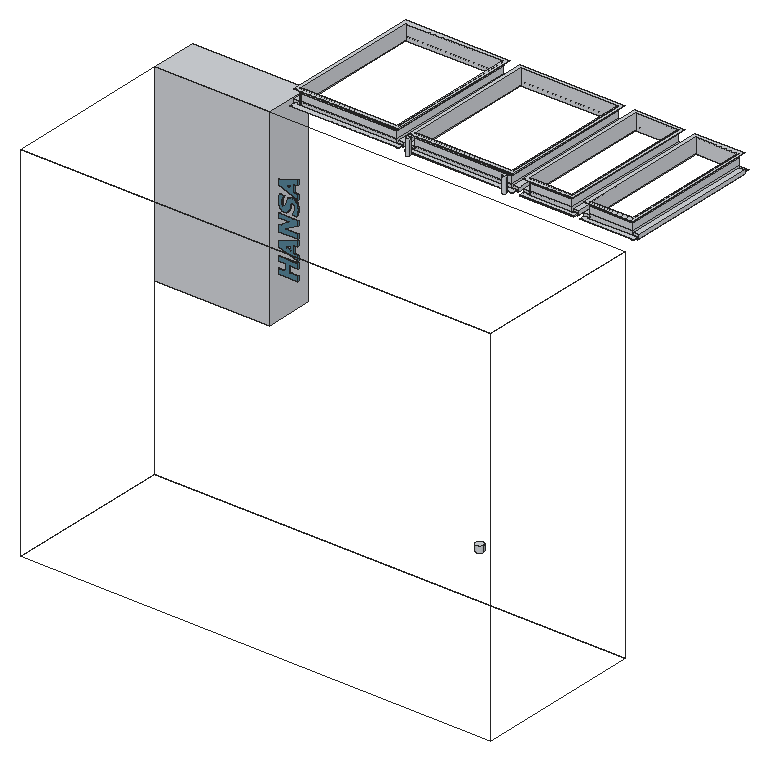
Revit family "KL-P-023-iK-R", category HLS-Bauteile, Revit 2020
Family settings
  Bemaßung runder Anschluss = Durchmesser verwenden
  Klassifizierung = Keine
  Teiletyp = Normal
  Arbeitsebenenbasiert = Nein
  Immer vertikal = Ja
  Beim Laden mit Abzugskörper schneiden = Nein
  Gemeinsam genutzt = Nein
  Raumberechnungspunkt = Nein
Parameters
  Zuluftbreite [instance] = 505 mm  # constant formula
  Vorgabe-Ansicht = 0 mm
  TyS [instance] = size_lookup("TyS_Hansa_KL_P", "", "ND", RLT_Serie, Gehaeuserichtung, Gehaeuseausfuehrung, RLT_MSR_KZ)  # "KL-P-023-iK-R-eCS"
  Schaltschrankbreite [instance] = 600 mm
  Schaltschrank_montiert [instance] = yes
  SSaG [instance] = and(or(Regelung SAIA, Regelung OJ), Schaltschrank_montiert)  # yes
  Regelung SAIA [instance] = yes
  Regelung OJ [instance] = no
  RLT_Volumenstrom_max = 2300 m³/h  # constant formula
  RLT_Volumenstrom_Unit_2 [instance] = 2300 m³/h
  RLT_Volumenstrom_Unit_1 [instance] = 2300 m³/h
  RLT_Typenschlüssel [instance] = TyS  # "KL-P-023-iK-R-eCS"
  RLT_Serie = "KL-P-023-iK"  # constant formula
  RLT_Material_außen [instance] = Stahlblech verzinkt + RAL 9002
  RLT_MSR_KZ [instance] = if(Regelung SAIA, "eCS", if(Regelung OJ, "eCO", "-"))  # "eCS"
  RLT_Länge [instance] = L  # 1860 mm
  RLT_Höhe = H  # 1790 mm
  RLT_Gewicht [instance] = size_lookup("TD_Hansa_KL_P", "Gewicht", 0 mm, TyS) / 1 mm * 1.00 kg  # 0.00 kg
  RLT_Breite = B  # 880 mm
  Modell = "KL-P-023-iK-R"  # constant formula
  L2 = 630 mm  # constant formula
  L1 = 1230 mm  # constant formula
  L = L1 + L2  # 1860 mm
  Kanaltiefe [instance] = RLT_Breite - 190 mm  # 690 mm
  Hersteller = "Hansa"  # constant formula
  H = 1790 mm  # constant formula
  GeräteOK [instance] = H + Fuß  # 1910 mm
  Gehaeuserichtung [instance] = "R"  # constant formula
  Gehaeuseausfuehrung [instance] = "ungeteilt"  # constant formula
  GD_Spannung [instance] = 230 V
  GD_Phasen [instance] = 1
  GD_Nennstrom [instance] = 0 A
  GD_Anschlussleistung [instance] = 0 W
  Fuß [instance] = 120 mm  # constant formula
  Fortluftbreite = 220 mm  # constant formula
  Bedienzone [instance] = yes
  Baugruppe [instance] = "RLT-Gerät"  # constant formula
  BZl [instance] = if(and(or(Regelung SAIA, Regelung OJ), Schaltschrank_montiert), L + Schaltschrankbreite, L)  # 2460 mm
  B = 880 mm  # constant formula
  Außenluftbreite = 220 mm  # constant formula
  Abluftbreite [instance] = 505 mm  # constant formula
Reference planes
  plane 1 "Mitte (Vorne/hinten)": y = 0
  plane 2: z = 0
  plane 3 "Mitte (Links/rechts)": x = 0
  plane 4: x = -930
  plane 5: x = 930
  plane 6 "GV": y = -440
  plane 7 "GH": y = 440
  plane 8 "OKG": z = 1910
  plane 9: y = 377.5
  plane 10: y = -312.5
  plane 11: x = -867.5
  plane 12: x = 867.5
  plane 13: x = -362.5
  plane 14: x = -267.5
  plane 15: x = 237.5
  plane 16: x = 647.5
  plane 17: x = 552.5
  plane 18: x = 332.5
  plane 19: z = 1990
  plane 20 "UKG": z = 120
  plane 21: y = -190
  plane 22: y = -230
  plane 23: z = 90
  plane 24: y = -364
  plane 25: x = 300
  plane 26: y = -1320
  plane 27: x = -1530
Forms (mm)
  Extrusion 1, solid, visible <- "SSaG"
    sketch origin (-61.559, 0, -70) x (1, 0, 0) y (0, 0, 1)
      loop
        line (-1468.441, 1980) -> (-1468.441, 980) -> (-868.441, 980) -> (-868.441, 1980) -> (-1468.441, 1980)
    from 440 to 190
  Extrusion 2, solid
    sketch origin (0, 0, 0) x (1, 0, 0) y (0, 1, 0)
      loop
        circle (0, -230) r 20
    from 120 to 90
  Extrusion 3, solid, material "Glas - klar", visible <- "Bedienzone"
    sketch origin (-600, 0, 0) x (1, 0, 0) y (0, 1, 0)
      loop
        line (-930, -440) -> (-930, -1320) -> (1530, -1320) -> (1530, -440) -> (-930, -440)
    from 1910 to 0
  Extrusion 4, solid
    sketch origin (0, 0, 0) x (1, 0, 0) y (0, 1, 0)
      loop
        circle (-267.5, -364) r 10
    from 1990 to 1910
  Extrusion 5, solid
    sketch origin (0, 0, 0) x (1, 0, 0) y (0, 1, 0)
      loop
        circle (237.5, -364) r 10
    from 1990 to 1910
Dimensions and locks
  equal spacing: plane 4, plane 3 "Mitte (Links/rechts)", plane 5
  "L": plane 4 to plane 5
  "B": plane 7 "GH" to plane 6 "GV"
  locked: plane 7 "GH" to plane 9 at 62.5
  locked: plane 4 to plane 11 at 62.5
  locked: plane 12 to plane 5 at 62.5
  "Abluftbreite": plane 11 to plane 13
  locked: plane 13 to plane 14 at 95
  "Zuluftbreite": plane 14 to plane 15
  "Fortluftbreite": plane 16 to plane 12
  locked: plane 17 to plane 16 at 95
  "Außenluftbreite": plane 18 to plane 17
  plane 15 to plane 18 = 95 mm
  locked: nested 3 to plane 16 at 95
  "Fuß": plane 20 "UKG" to level
  plane 19 to plane 8 "OKG" = 80 mm
  locked: plane 4 to nested 1 at 62.5
  locked: plane 13 to nested 2 at 95
  locked: nested 4 to plane 5 at 62.5
  plane 5 to Extrusion 1 = 1860 mm
  "RLT_Höhe": plane 8 "OKG" to plane 20 "UKG"
  equal spacing: plane 7 "GH", plane 1 "Mitte (Vorne/hinten)", plane 6 "GV"
  locked: plane 6 "GV" to plane 21 at 250
  locked: plane 6 "GV" to plane 22 at 210
  plane 20 "UKG" to plane 23 = 30 mm
  locked: plane 24 to plane 6 "GV" at 76
  "L1": plane 4 to plane 25
  "B": plane 26 to plane 6 "GV"
  "BZl": Extrusion 3 to Extrusion 3
  "Schaltschrankbreite": plane 27 to plane 4
  plane 18 to plane 15 = 95 mm
  aligned and locked: level to plane 2
  aligned and locked: plane 8 "OKG" to Extrusion 1
  aligned and locked: Extrusion 1 to plane 6 "GV"
  aligned and locked: plane 21 to Extrusion 1
  aligned and locked: plane 20 "UKG" to Extrusion 2
  aligned and locked: Extrusion 2 to plane 23
  aligned and locked: Extrusion 3 to plane 6 "GV"
  aligned and locked: Extrusion 3 to plane 26
  aligned and locked: plane 8 "OKG" to Extrusion 3
  aligned and locked: Extrusion 1 to plane 4
  aligned and locked: plane 19 to Extrusion 4
  aligned and locked: Extrusion 4 to plane 8 "OKG"
  aligned and locked: plane 19 to Extrusion 5
  aligned and locked: Extrusion 1 to Extrusion 3
  aligned and locked: plane 7 "GH" to nested 6
  aligned and locked: plane 4 to nested 6
Automatic sketch dimensions
  Extrusion 1 sketch curve to plane 5 = 2460 mm
  Extrusion 1 sketch curve to plane 8 "OKG" = 0 mm
  Extrusion 1 sketch curve to plane 5 = 1860 mm
  plane 20 "UKG" to Extrusion 1 sketch curve = 790 mm
  Extrusion 2 sketch curve to plane 3 "Mitte (Links/rechts)" = 0 mm
  Extrusion 2 sketch curve to plane 22 = 0 mm
  plane 4 to Extrusion 3 sketch curve = 600 mm
  Extrusion 3 sketch curve to plane 5 = 0 mm
  Extrusion 3 sketch curve to plane 26 = 0 mm
  plane 6 "GV" to Extrusion 3 sketch curve = 0 mm
  Extrusion 4 sketch curve to plane 14 = 0 mm
  Extrusion 4 sketch curve to plane 24 = 0 mm
  Extrusion 5 sketch curve to plane 15 = 0 mm
  Extrusion 5 sketch curve to plane 24 = 0 mm
  radius of Extrusion 2 sketch curve = 20 mm
  radius of Extrusion 4 sketch curve = 10 mm
  radius of Extrusion 5 sketch curve = 10 mm
Nested families
  nested 1: "Kanalstutzen" at (-615, 29.209, 1910) x (1, 0, 0) z (0, -1, 0), 2570_EST_Breite <- "Abluftbreite", 2571_EST_Höhe <- "Kanaltiefe", built-in parameter 1001360 <- "GeräteOK", type "Kanalstutzen"
    with Tiefe 80 mm, RahmenG2 20 mm, RahmenG1 30 mm, Höhe 690 mm, Breite 505 mm, 2572_EST_Tiefe 80 mm, 2571_EST_Höhe 690 mm, 2570_EST_Breite 505 mm, 1966_EST_Rahmentyp ""
  nested 2: "Kanalstutzen" at (-15, 29.209, 1910) x (1, 0, 0) z (0, -1, 0), 2570_EST_Breite <- "Zuluftbreite", 2571_EST_Höhe <- "Kanaltiefe", built-in parameter 1001360 <- "GeräteOK", type "Kanalstutzen"
    with Tiefe 80 mm, RahmenG2 20 mm, RahmenG1 30 mm, Höhe 690 mm, Breite 505 mm, 2572_EST_Tiefe 80 mm, 2571_EST_Höhe 690 mm, 2570_EST_Breite 505 mm, 1966_EST_Rahmentyp ""
  nested 3: "Kanalstutzen" at (442.5, 29.209, 1910) x (1, 0, 0) z (0, -1, 0), 2570_EST_Breite <- "Außenluftbreite", 2571_EST_Höhe <- "Kanaltiefe", built-in parameter 1001360 <- "GeräteOK", type "Kanalstutzen"
    with Tiefe 80 mm, RahmenG2 20 mm, RahmenG1 30 mm, Höhe 690 mm, Breite 220 mm, 2572_EST_Tiefe 80 mm, 2571_EST_Höhe 690 mm, 2570_EST_Breite 220 mm, 1966_EST_Rahmentyp ""
  nested 4: "Kanalstutzen" at (757.5, 29.209, 1910) x (1, 0, 0) z (0, -1, 0), 2570_EST_Breite <- "Fortluftbreite", 2571_EST_Höhe <- "Kanaltiefe", built-in parameter 1001360 <- "GeräteOK", type "Kanalstutzen"
    with Tiefe 80 mm, RahmenG2 20 mm, RahmenG1 30 mm, Höhe 690 mm, Breite 220 mm, 2572_EST_Tiefe 80 mm, 2571_EST_Höhe 690 mm, 2570_EST_Breite 220 mm, 1966_EST_Rahmentyp ""
  nested 5: "Hansa_Aufkleber_klein" at (-780, -440, 1390) x (0, 0, 1) z (0, -1, 0), type "Hansa_Aufkleber_klein"
  nested 6: "P-023-R_ipt" at (0, 0, 0), type "Norm"
Connectors
  hvac at (-615, 29.209, 1989), driven by "RLT_Volumenstrom_Unit_2", driven by "Abluftbreite", driven by "Kanaltiefe"
    settings: on nested 1, index 1, duct flow 2300 m³/h, flow factor 0, pres drop 0.0 Pa, loss coef 0, conn angle 0.00°, conn width 505 mm, conn height 690 mm, conn diameter 609.6 mm, duct sys type 2, conn prof type 1, flow config 0, flow direction 1, loss method 0, conn ref index -1, conn util no, is conn primary yes, conn desc ""
  hvac at (-15, 29.209, 1989), driven by "RLT_Volumenstrom_Unit_1", driven by "Zuluftbreite", driven by "Kanaltiefe"
    settings: on nested 2, index 2, duct flow 2300 m³/h, flow factor 0, pres drop 0.0 Pa, loss coef 0, conn angle 0.00°, conn width 505 mm, conn height 690 mm, conn diameter 609.6 mm, duct sys type 1, conn prof type 1, flow config 0, flow direction 2, loss method 0, conn ref index -1, conn util no, is conn primary no, conn desc ""
  hvac at (442.5, 29.209, 1989), driven by "RLT_Volumenstrom_Unit_1", driven by "Außenluftbreite", driven by "Kanaltiefe"
    settings: on nested 3, index 3, duct flow 2300 m³/h, flow factor 0, pres drop 0.0 Pa, loss coef 0, conn angle 0.00°, conn width 220 mm, conn height 690 mm, conn diameter 609.6 mm, duct sys type 1, conn prof type 1, flow config 0, flow direction 1, loss method 0, conn ref index -1, conn util no, is conn primary no, conn desc ""
  hvac at (757.5, 29.209, 1989), driven by "RLT_Volumenstrom_Unit_2", driven by "Fortluftbreite", driven by "Kanaltiefe"
    settings: on nested 4, index 4, duct flow 2300 m³/h, flow factor 0, pres drop 0.0 Pa, loss coef 0, conn angle 0.00°, conn width 220 mm, conn height 690 mm, conn diameter 609.6 mm, duct sys type 3, conn prof type 1, flow config 1, flow direction 2, loss method 0, conn ref index -1, conn util no, is conn primary no, conn desc ""
  piping at (0, -230, 90), diameter 40
    settings: on Extrusion 2, index 5, connector inside diameter 609.6 mm, connector length 0 mm, flow factor 0, pipe flow 0.0 L/s, pressure drop 0.0 Pa, fitting loss kfactor 0, connector angle 0.00°, fixture units 0, engagement length 0 mm, angle of deflection 0.00°, flow configuration 0, flow direction 2, fitting loss method 0, system type 16, joint type 0, gender type 0, connector reference index -1, connector utility 0, adjustable connector no, is connector primary yes, connector description ""
  piping at (-267.5, -364, 1990), diameter 20
    settings: on Extrusion 4, index 6, connector inside diameter 609.6 mm, connector length 0 mm, flow factor 0, pipe flow 0.0 L/s, pressure drop 0.0 Pa, fitting loss kfactor 0, connector angle 0.00°, fixture units 0, engagement length 0 mm, angle of deflection 0.00°, flow configuration 0, flow direction 0, fitting loss method 0, system type 19, joint type 0, gender type 0, connector reference index -1, connector utility 0, adjustable connector no, is connector primary no, connector description ""
  piping at (237.5, -364, 1990), diameter 20
    settings: on Extrusion 5, index 7, connector inside diameter 609.6 mm, connector length 0 mm, flow factor 0, pipe flow 0.0 L/s, pressure drop 0.0 Pa, fitting loss kfactor 0, connector angle 0.00°, fixture units 0, engagement length 0 mm, angle of deflection 0.00°, flow configuration 0, flow direction 0, fitting loss method 0, system type 19, joint type 0, gender type 0, connector reference index -1, connector utility 0, adjustable connector no, is connector primary no, connector description ""
Definition of nested family "Kanalstutzen"
  Parameters (values of type "Kanalstutzen")
    Default Elevation = 0 mm
    Tiefe [instance] = [2572_EST_Tiefe]  # 80 mm
    RahmenG2 [instance] = 20 mm
    RahmenG1 [instance] = 30 mm
    Höhe [instance] = [2571_EST_Höhe]  # 500 mm
    Manufacturer = "Hansa"
    Breite [instance] = [2570_EST_Breite]  # 1000 mm
    Description = "Durchbruchsverkleidung"
    2572_EST_Tiefe [instance] = 80 mm
    2571_EST_Höhe [instance] = 500 mm
    2570_EST_Breite [instance] = 1000 mm
    1966_EST_Rahmentyp [instance] = ""
  Reference planes
    plane 1 "Mitte (Vorne/hinten)": y = 0
    plane 2: z = 0
    plane 3 "Mitte (Links/rechts)": x = 0
    plane 4: x = -500
    plane 5: x = 500
    plane 6 "hinten": y = 80
    plane 7: z = 250
    plane 8: z = -250
    plane 9 "R1links": x = -530
    plane 10 "R1rechts": x = 530
    plane 11 "R2links": x = -520
    plane 12 "R2rechts": x = 520
    plane 13 "R1oben": z = 280
    plane 14 "R1unten": z = -280
    plane 15: z = -270
    plane 16: z = 270
  Forms (mm)
    Sweep 1, solid
      path origin (0, 0, 0) x (1, 0, 0) y (0, 0, 1)
        loop
          line (-500, 250) -> (-500, -250) -> (500, -250) -> (500, 250) -> (-500, 250)
      profile origin (0, 0, 250) x (0, 0, 1) y (0, -1, 0)
        loop
          line (0, -40) -> (0, -80) -> (20, -80) -> (20, -79) -> (1.999, -79) -> (1.999, -59) -> (0.962, -59) -> (0.962, -21.406) -> (1.999, -21.406) -> (1.999, -1.406) -> (30, -1.406) -> (30, 0) -> (0, 0) -> (0, -40)
  Dimensions and locks
    equal spacing: plane 4, plane 3 "Mitte (Links/rechts)", plane 5
    "Breite": plane 4 to plane 5
    equal spacing: plane 7, level, plane 8
    "Höhe": plane 7 to plane 8
    "RahmenG1": plane 9 "R1links" to plane 4
    "RahmenG1": plane 5 to plane 10 "R1rechts"
    "RahmenG2": plane 11 "R2links" to plane 4
    "RahmenG2": plane 5 to plane 12 "R2rechts"
    "RahmenG1": plane 13 "R1oben" to plane 7
    "RahmenG1": plane 8 to plane 14 "R1unten"
    "RahmenG2": plane 16 to plane 7
    "RahmenG2": plane 8 to plane 15
    Sweep 1 sketch curve to Sweep 1 sketch curve = 1.406 mm
    Sweep 1 sketch curve to Sweep 1 sketch curve = 1 mm
    Sweep 1 sketch curve to Sweep 1 sketch curve = 0.962 mm
    "2572_EST_Tiefe": plane 6 "hinten" to plane 1 "Mitte (Vorne/hinten)"
    aligned and locked: level to plane 2
    aligned and locked: plane 16 to Sweep 1 sketch curve
    aligned and locked: plane 13 "R1oben" to Sweep 1 sketch curve
    aligned and locked: plane 1 "Mitte (Vorne/hinten)" to Sweep 1
    aligned and locked: plane 1 "Mitte (Vorne/hinten)" to nested 1
    aligned and locked: nested 1 to plane 10 "R1rechts"
    aligned and locked: nested 2 to plane 9 "R1links"
    aligned and locked: plane 8 to nested 2
    aligned and locked: nested 1 to plane 8
  Automatic sketch dimensions
    plane 4 to Sweep 1 sketch curve = 0 mm
    plane 5 to Sweep 1 sketch curve = 0 mm
    Sweep 1 sketch curve to plane 8 = 0 mm
    Sweep 1 sketch curve to plane 7 = 0 mm
    Sweep 1 sketch curve to plane 1 "Mitte (Vorne/hinten)" = 0 mm
    profile plane to Sweep 1 sketch curve = 0 mm
    Sweep 1 sketch curve to profile plane = 1.999 mm  (x2)
    Sweep 1 sketch curve to Sweep 1 sketch curve = 20 mm  (x2)
    Sweep 1 sketch curve to Sweep 1 sketch curve = 18.594 mm
    Sweep 1 sketch curve to Sweep 1 sketch curve = 19 mm
  Nested families
    nested 1: "EGJK30" at (520, 0, -250), L <- "Höhe", type "EGJK30"
      with L 500 mm
    nested 2: "EGJK30" at (-520, 0, -250) x (-1, 0, 0) z (0, 0, 1), L <- "Höhe", type "EGJK30"
      with L 500 mm
  Definition of nested family "EGJK30"
    Parameters (values of type "EGJK30")
      Default Elevation = 0 mm
      L [instance] = 1000 mm
    Reference planes
      plane 1 "Mitte (Vorne/hinten)": y = 0
      plane 2: z = 0
      plane 3 "Mitte (Links/rechts)": x = 0
    Forms (mm)
      Extrusion 1, solid
        sketch origin (16.67, -35.46, 0) x (1, 0, 0) y (0, 1, 0)
          loop
            line (-26.67, 25.46) -> (-6.67, 25.46) -> (-6.67, 30.46) -> (-1.67, 30.46) -> (-1.67, 50.46) -> (-34.67, 50.46) -> (-34.67, 38.46) -> (-5.67, 38.46) -> (-5.67, 35.46) -> (-25.67, 35.46) -> (-25.67, 36.96) -> (-34.67, 36.96) -> (-34.67, 33.96) -> (-26.67, 25.46)
        from 0 to 1000
    Dimensions and locks
      "L": Extrusion 1 to Extrusion 1
      aligned and locked: level to plane 2
    Automatic sketch dimensions
      plane 1 "Mitte (Vorne/hinten)" to Extrusion 1 sketch curve = 0 mm
      Extrusion 1 sketch curve to plane 3 "Mitte (Links/rechts)" = 18 mm
      plane 1 "Mitte (Vorne/hinten)" to Extrusion 1 sketch curve = 1.5 mm
      Extrusion 1 sketch curve to Extrusion 1 sketch curve = 0 mm
      Extrusion 1 sketch curve to plane 3 "Mitte (Links/rechts)" = 10 mm
      Extrusion 1 sketch curve to plane 3 "Mitte (Links/rechts)" = 9 mm
      plane 1 "Mitte (Vorne/hinten)" to Extrusion 1 sketch curve = 5 mm
      plane 3 "Mitte (Links/rechts)" to Extrusion 1 sketch curve = 10 mm
      Extrusion 1 sketch curve to Extrusion 1 sketch curve = 1 mm
      Extrusion 1 sketch curve to Extrusion 1 sketch curve = 5 mm
      plane 1 "Mitte (Vorne/hinten)" to Extrusion 1 sketch curve = 10 mm
      Extrusion 1 sketch curve to plane 1 "Mitte (Vorne/hinten)" = 1.5 mm
      Extrusion 1 sketch curve to Extrusion 1 sketch curve = 1.5 mm
      Extrusion 1 sketch curve to Extrusion 1 sketch curve = 12 mm
Definition of nested family "Hansa_Aufkleber_klein"
  Parameters (values of type "Hansa_Aufkleber_klein")
    Default Elevation = 1219.2 mm
  Reference planes
    plane 1 "Mitte (Vorne/hinten)": y = 0
    plane 2: z = 0
    plane 3 "Mitte (Links/rechts)": x = 0
  Forms (mm)
    Extrusion 1, solid, detail levels medium+fine
      sketch origin (6.994, -10.767, 0) x (1, 0, 0) y (0, 1, 0)
        loop
          line (-226.694, 10.767) -> (-201.573, 10.767) -> (-201.573, 55.095) -> (-167.456, 55.095) -> (-167.456, 10.767) -> (-142.335, 10.767) -> (-142.335, 110.767) -> (-167.456, 110.767) -> (-167.456, 74.138) -> (-201.573, 74.138) -> (-201.573, 110.767) -> (-226.694, 110.767) -> (-226.694, 10.767)
        loop
          line (202.074, 82.404) -> (191.782, 49.341) -> (212.284, 49.341) -> (202.074, 82.404)
        loop
          line (188.703, 110.767) -> (154.91, 10.767) -> (180.032, 10.767) -> (186.353, 31.189) -> (217.795, 31.189) -> (224.035, 10.767) -> (249.886, 10.767) -> (216.093, 110.767) -> (188.703, 110.767)
        loop
          line (34.084, 10.767) -> (58.233, 10.767) -> (58.233, 110.767) -> (35.299, 110.767) -> (35.299, 53.474) -> (3.37, 110.767) -> (-27.424, 110.767) -> (-27.424, 10.767) -> (-4.49, 10.767) -> (-4.49, 80.459) -> (34.084, 10.767)
        loop
          line (-85.203, 82.404) -> (-95.495, 49.341) -> (-74.993, 49.341) -> (-85.203, 82.404)
        loop
          line (-98.575, 110.767) -> (-132.367, 10.767) -> (-107.245, 10.767) -> (-100.925, 31.189) -> (-69.482, 31.189) -> (-63.242, 10.767) -> (-37.391, 10.767) -> (-71.184, 110.767) -> (-98.575, 110.767)
        loop
          line (73.143, 16.683) -> (80.903, 13.695) -> (89.27, 11.213) -> (93.783, 10.238) -> (98.65, 9.542) -> (103.872, 9.124) -> (109.448, 8.984) -> (114.303, 9.126) -> (118.902, 9.552) -> (123.243, 10.261) -> (127.327, 11.253) -> (131.154, 12.53) -> (134.724, 14.09) -> (138.037, 15.933) -> (141.093, 18.061) -> (143.838, 20.421) -> (146.216, 22.963) -> (148.229, 25.688) -> (149.876, 28.595) -> (151.156, 31.685) -> (152.071, 34.957) -> (152.62, 38.411) -> (152.803, 42.048) -> (152.724, 44.578) -> (152.487, 46.981) -> (152.091, 49.257) -> (151.537, 51.407) -> (150.825, 53.431) -> (149.954, 55.328) -> (148.925, 57.098) -> (147.738, 58.741) -> (144.874, 61.745) -> (141.346, 64.434) -> (137.155, 66.81) -> (132.301, 68.871) -> (127.124, 70.542) -> (122.293, 71.829) -> (112.609, 74.057) -> (109.035, 74.977) -> (106.095, 75.952) -> (103.788, 76.982) -> (102.114, 78.069) -> (100.927, 79.287) -> (100.078, 80.713) -> (99.569, 82.346) -> (99.4, 84.187) -> (99.506, 85.453) -> (99.825, 86.659) -> (100.357, 87.803) -> (101.101, 88.887) -> (102.965, 90.731) -> (105.153, 92.048) -> (107.99, 93.142) -> (110.664, 93.83) -> (113.439, 94.195) -> (116.579, 94.317) -> (120.768, 94.112) -> (124.906, 93.496) -> (128.993, 92.471) -> (133.03, 91.035) -> (136.889, 89.3) -> (140.445, 87.378) -> (143.697, 85.268) -> (146.644, 82.971) -> (148.832, 82.971) -> (148.832, 105.824) -> (145.231, 107.285) -> (141.397, 108.589) -> (137.33, 109.737) -> (133.03, 110.727) -> (128.608, 111.524) -> (124.177, 112.094) -> (119.735, 112.436) -> (115.283, 112.55) -> (110.919, 112.414) -> (106.741, 112.006) -> (102.749, 111.325) -> (98.944, 110.372) -> (95.324, 109.147) -> (91.891, 107.65) -> (88.644, 105.88) -> (85.583, 103.839) -> (82.8, 101.578) -> (80.389, 99.151) -> (78.348, 96.559) -> (76.679, 93.8) -> (75.38, 90.876) -> (74.453, 87.786) -> (73.896, 84.53) -> (73.711, 81.108) -> (74.025, 76.136) -> (74.967, 71.596) -> (76.537, 67.486) -> (78.735, 63.806) -> (80.094, 62.119) -> (81.657, 60.522) -> (83.426, 59.014) -> (85.4, 57.597) -> (87.58, 56.269) -> (89.964, 55.031) -> (92.553, 53.884) -> (95.348, 52.826) -> (100.625, 51.195) -> (106.247, 49.868) -> (111.869, 48.642) -> (117.147, 47.315) -> (119.104, 46.707) -> (120.925, 45.937) -> (122.609, 45.006) -> (124.156, 43.912) -> (125.451, 42.645) -> (126.375, 41.197) -> (126.929, 39.566) -> (127.114, 37.753) -> (127, 36.17) -> (126.658, 34.744) -> (126.089, 33.475) -> (125.291, 32.364) -> (123.275, 30.53) -> (120.874, 29.163) -> (118.413, 28.312) -> (115.242, 27.704) -> (112.052, 27.339) -> (109.529, 27.218) -> (105.242, 27.433) -> (100.889, 28.079) -> (96.47, 29.155) -> (91.985, 30.662) -> (87.561, 32.569) -> (83.324, 34.845) -> (79.274, 37.492) -> (75.413, 40.508) -> (73.143, 40.508) -> (73.143, 16.683)
      from 0 to 2
  Dimensions and locks
    aligned and locked: level to plane 2
Definition of nested family "P-023-R_ipt"
  Parameters (values of type "Norm")
    Default Elevation = 0 mm
  Reference planes
    plane 1 "Mitte (Vorne/Hinten)": y = 0
    plane 2: z = 0
    plane 3 "Mitte (Links/Rechts)": x = 0
  Dimensions and locks
    aligned and locked: level to plane 2
